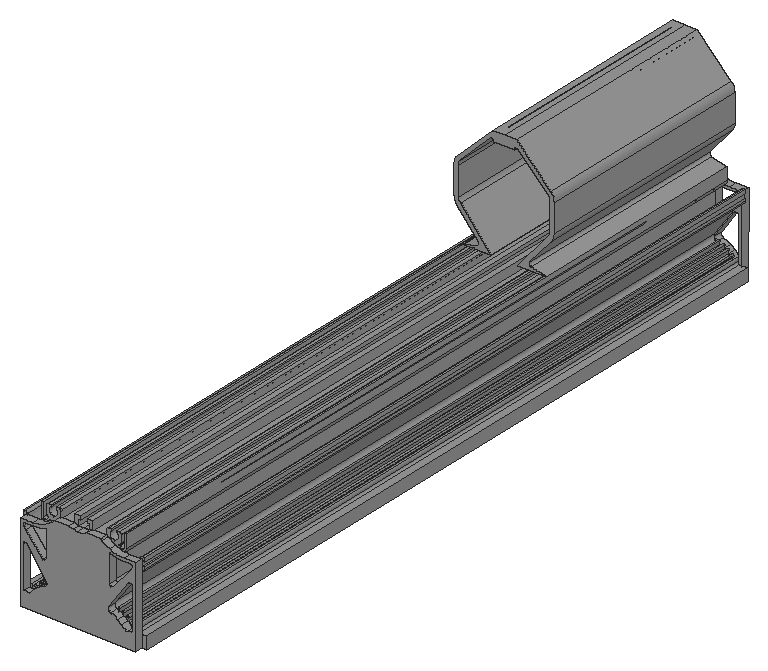
Revit family "L-street 24 Standart", category Осветительные приборы, Revit 2017
Family settings
  Размер круглого соединителя = Использовать диаметр
  Тип детали = Нормальный
  На основе рабочей плоскости = Нет
  Всегда вертикально = Да
  При загрузке вырезать с полостями = Нет
  Источник света = Да
  Общий = Нет
  Точка расчета площади = Нет
Parameters (values of type "L-street 24 Standart 5.0K Ш3")
  Комментарии к типоразмеру = "Уличные"
  Emit from Rectangle Width = 66 mm  # constant formula
  Emit from Rectangle Length = 500 mm  # constant formula
  Изготовитель = "LEDEL"
  Emit Shape Visible in Rendering = no
  built-in parameter 1150104 = 13.8 (stored number, unit not read)
  built-in parameter 1150134 = 2
  Файл фотометрической сетки = "L-street 24-32-LLI3-5.0K-01 Standart.ies"
  Tilt Angle = 90.00°
  built-in parameter 1150137 = (empty or 0)
  built-in parameter 1150132 = 2
  built-in parameter 1150114 = 1 (stored number, unit not read)
  Dimming Lamp Color Temperature Shift = (empty or 0)
  built-in parameter 1150105 = 342.66 (stored number, unit not read)
  Color Filter = 16777215
  Lumens = 4306 lm
  built-in parameter 1150109 = 1 (stored number, unit not read)
  built-in parameter 1150112 = 1 (stored number, unit not read)
  built-in parameter 1150110 = 1 (stored number, unit not read)
  built-in parameter 1150113 = 1 (stored number, unit not read)
  built-in parameter 1150115 = 1 (stored number, unit not read)
  built-in parameter 1114218 = 1 (stored number, unit not read)
  built-in parameter 1114217 = 1 (stored number, unit not read)
  Apparent Load = 32 VA  # constant formula
  built-in parameter 1150106 = 3.4266 (stored number, unit not read)
  built-in parameter 1150142 = "IESNA:LM-63-1995\r\n[TEST]LEDEL\r\n[DATA]28.11.2018\r\n[MANUFAC]LEDEL\r\n[LUMCAT]L-street 24/32/Ш3/5.0К/01 Standart\r\n[LUMINAIRE]Для освещения городских улиц, придомовых территорий, парков и пр\r\n[LAMPCAT]LED \r\n[LAMP]OSRAM OSLON SQUARE\r\nTILT=NONE\r\n \r\n1 4306 4.349494 91 37 1 2 0.533 0.083 0.148\r\n1 1 32\r\n\r\n0 1 2 3 4 5 6 7 8 9 10 11 12 13 14 15 16 17 18 19 20 21 22 23 24 25 26 27 28 29 30 31 32 33 34 35 36 37 38 39 40 41 42 43 44 45 46 47 48 49 50 51 52 53 54 55 56 57 58 59 60 61 62 63 64 65 66 67 68 69 70 71 72 73 74 75 76 77 78 79 80 81 82 83 84 85 86 87 88 89 90\r\n0 2.5 5 7.5 10 12.5 15 17.5 20 22.5 25 27.5 30 32.5 35 37.5 40 42.5 45 47.5 50 52.5 55 57.5 60 62.5 65 67.5 70 72.5 75 77.5 80 82.5 85 87.5 90 \r\n\r\n328.9 329.3 330.2 330.9 331.9 333.4 335.1 336.8 338.7 340.8 342.8 345 347.5 350.1 353 356 358.9 361.9 364.8 367.6 370.4 373.1 375.9 378.6 381.2 384 387.3 390.9 395 399.6 404.9 410.7 417.4 425.2 435.2 445.1 453.5 460.4 465.8 471.5 479.7 491.2 504.8 521 539.3 559.8 582 607.2 633.9 663 691.7 721.3 752.1 785.2 818.3 851.9 885.2 917 937 939.3 919 859.4 761.2 644.9 513.6 372.2 249 140.6 80.9 50.5 34.7 24.4 17.8 14.5 12.7 11.4 10.5 9.8 9.1 8.5 8 7.4 7 6.5 6.2 5.9 5.5 4.8 3.2 2.7 2.7\r\n328.9 329 329.5 330 330.7 331.9 333.2 334.6 336.2 338 339.8 341.8 344 346.5 349.2 352.1 354.9 357.8 360.7 363.6 366.4 369.2 372 374.9 377.8 380.7 383.9 387.3 391.1 395.4 400.3 405.6 411.7 418.6 427.2 436.3 444.8 452.4 459 464.7 471.7 481.1 492.7 506.6 522.4 540.2 559.7 581.7 605.8 631.5 658.1 685.9 714.5 745.8 778.3 812.3 846.4 879.2 904.3 916.2 905.6 859.1 774.4 661.5 532.7 402.1 293.1 196.3 120.8 68.8 45.8 31.7 22.8 18 15.4 13.6 12.3 11.3 10.5 9.8 9.1 8.5 7.9 7.3 6.9 6.5 6.1 5.5 4.3 3.3 2.9\r\n328.9 328.8 328.9 329 329.6 330.3 331.2 332.3 333.7 335.2 336.8 338.6 340.6 342.8 345.5 348.2 350.9 353.7 356.6 359.6 362.4 365.3 368.2 371.2 374.4 377.4 380.5 383.6 387.3 391.2 395.6 400.5 406 411.9 419.2 427.5 436 444.3 452.2 457.9 463.7 471 480.7 492.2 505.6 520.6 537.4 556.3 577.6 600 624.5 650.4 677 706.4 738.3 772.8 807.5 841.5 871.5 893.1 892.3 858.7 787.6 678.2 551.8 432 337.2 251.9 160.7 87.2 56.8 39 27.9 21.5 18 15.7 14.1 12.8 12 11.2 10.3 9.6 8.9 8.2 7.6 7.1 6.7 6.3 5.5 4 3.1\r\n328.9 329.4 330.2 331 332 333.4 335 336.7 338.6 340.6 342.6 344.7 347.1 349.6 352.4 355.2 358.1 360.9 363.6 366.2 368.8 371.4 374 376.6 379.2 382 385.3 388.8 392.6 397 402.2 407.8 414.4 421.9 431.2 440.5 448.4 454.9 460.4 466.2 474 484.8 497.7 513 530.2 549.4 569.9 593 617.3 643.5 669.5 695.9 722.8 751.4 780 808.5 835.6 860.9 877.7 881 869.3 832.1 763.8 664.3 532.5 377.6 247 136.9 77.5 48.8 34.8 24 17.1 14.1 12.4 11.1 10.2 9.6 8.9 8.3 7.8 7.2 6.8 6.3 6 5.7 5.4 4.7 3.1 2.7 2.7\r\n328.9 329.4 330.1 331 332.1 333.4 334.9 336.6 338.5 340.4 342.3 344.5 346.7 349.1 351.8 354.5 357.3 359.9 362.4 364.8 367.2 369.6 372.2 374.6 377.3 380.1 383.3 386.6 390.2 394.4 399.4 405 411.4 418.6 427.2 435.9 443.2 449.5 455 460.8 468.3 478.4 490.6 505 521.2 539.1 557.7 578.9 600.7 624.1 647.2 670.6 693.5 717.6 741.7 765.1 785.9 804.8 818.4 822.6 819.6 804.9 766.4 683.8 551.4 383.1 244.9 133.2 74 47.1 34.9 23.6 16.4 13.6 12.1 10.9 10 9.4 8.7 8.1 7.6 7 6.6 6.2 5.8 5.4 5.3 4.5 3 2.6 2.7\r\n328.9 329.4 330.2 331 332 333.3 334.7 336.2 338 339.7 341.5 343.5 345.5 347.8 350.3 353 355.7 358.2 360.7 363 365.4 367.8 370.3 372.8 375.5 378.3 381.5 384.8 388.6 392.8 397.6 403 409.3 416.1 424.2 432.5 439.5 445.4 450.6 455.9 462.5 471.1 481.3 493.2 506.3 520.8 536.2 553.5 571.6 591.3 611.2 631.8 652.8 675.7 698.9 722.2 742.8 761.3 775.1 781.3 780.2 768.4 735.8 659.6 539 387.4 258.5 153.6 86.2 51.2 36.2 25 17.1 13.6 12 10.8 9.8 9.2 8.5 8 7.4 6.9 6.5 6 5.7 5.4 5.1 4.5 3.1 2.7 2.7\r\n328.9 329.4 330.2 330.9 332 333.2 334.5 335.8 337.4 339.1 340.8 342.5 344.4 346.5 348.9 351.5 354.1 356.6 358.9 361.3 363.6 365.9 368.4 371 373.6 376.5 379.6 383.1 387 391.1 395.7 401 407.1 413.6 421.1 429 435.8 441.3 446.2 451 456.7 463.9 472 481.4 491.5 502.6 514.6 528.2 542.5 558.5 575.2 593 612 633.7 656.1 679.2 699.7 717.9 731.8 740 740.8 732 705.1 635.4 526.7 391.7 272.1 174 98.4 55.3 37.6 26.3 17.8 13.6 11.9 10.7 9.7 9 8.3 7.8 7.3 6.8 6.3 5.9 5.6 5.3 4.9 4.5 3.3 2.7 2.7\r\n328.9 329.5 330.3 331 332 333.1 334.2 335.5 337 338.5 340.1 341.6 343.4 345.3 347.5 350 352.5 354.9 357.3 359.6 361.8 364 366.3 368.6 371.2 373.8 376.8 380.1 383.8 387.6 392 396.7 402.2 408 414.6 421.4 427.4 432.1 436.2 439.9 444.1 449.8 456.5 464.2 472.4 481.7 492.1 504.3 517.4 532 547.1 562.9 578.6 594.9 610.3 625.2 636.8 644.4 646.8 642.2 628.3 601.4 558.5 487.4 398.1 300.5 218.4 153.5 97.9 57.3 37.8 25.4 16.7 12.7 11.3 10.1 9.1 8.4 7.8 7.3 6.8 6.4 5.9 5.5 5.2 4.9 4.6 4.3 3.2 2.7 2.7\r\n328.9 329.6 330.4 331 332 333 334 335.2 336.5 338 339.5 340.8 342.3 344.1 346.2 348.5 350.9 353.2 355.7 357.9 360.1 362.1 364.1 366.3 368.7 371.1 374 377.1 380.5 384.1 388.2 392.4 397.3 402.4 408 413.7 419 423 426.2 428.7 431.6 435.7 440.9 447 453.3 460.7 469.6 480.4 492.2 505.5 519.1 532.8 545.2 556 564.6 571.2 573.9 570.8 561.8 544.4 515.9 470.9 411.9 339.3 269.5 209.3 164.6 132.9 97.4 59.2 38 24.5 15.6 11.9 10.6 9.5 8.6 7.9 7.3 6.7 6.4 5.9 5.5 5.1 4.9 4.6 4.3 4 3 2.6 2.6\r\n328.9 329.6 330.3 330.9 331.7 332.6 333.5 334.6 335.8 337.1 338.4 339.6 341 342.5 344.5 346.6 348.8 351.1 353.5 355.6 357.6 359.4 361.2 363.2 365.5 367.9 370.6 373.6 377 380.4 384 387.7 391.8 395.9 400.4 404.8 409 412.2 414.8 416.7 419.1 422.5 426.9 432.4 438.2 444.8 451.8 459.6 467.6 476.2 484.4 492.1 497.8 501.1 501.5 498.2 489.1 471.8 446.9 414.5 377.6 335.3 291 243.7 199.4 161.3 132.5 111.4 88.8 60 38.2 24.5 15.5 11.5 10.1 9.1 8.1 7.4 6.8 6.3 5.9 5.6 5.2 4.8 4.5 4.3 4.1 3.8 3 2.6 2.6\r\n328.9 329.6 330.2 330.8 331.5 332.2 333 334 335.1 336.2 337.4 338.4 339.6 341 342.7 344.6 346.8 349 351.2 353.2 355.2 356.8 358.4 360.1 362.3 364.7 367.2 370.2 373.4 376.6 379.9 382.9 386.3 389.4 392.8 395.9 399 401.5 403.4 404.8 406.6 409.3 413 417.7 423.2 428.9 434.1 438.8 443 446.9 449.6 451.3 450.4 446.3 438.5 425.2 404.4 372.8 332.1 284.5 239.3 199.8 170 148 129.3 113.3 100.4 90 80.2 60.7 38.4 24.6 15.5 11.1 9.6 8.7 7.7 6.9 6.3 5.9 5.5 5.2 4.9 4.5 4.2 4 3.8 3.6 2.9 2.7 2.6\r\n328.9 329.6 330.1 330.7 331.3 331.9 332.7 333.7 334.6 335.6 336.6 337.5 338.6 339.9 341.4 343.2 345.2 347.2 349.1 350.9 352.7 354.2 355.8 357.6 359.7 362.1 364.5 367.1 369.7 372.2 374.7 377.2 379.9 382.5 385.1 387.6 390 392.2 394 395.5 397.2 398.9 400.9 403.2 405.8 408.1 409.5 410 409.2 407 401.9 393.5 379.6 360.7 338.2 313.8 287.4 259.5 230.5 200.1 171.3 146.3 126.5 111.3 98.3 88 80.3 73.6 62.6 45.5 29.8 19.7 12.9 9.9 8.7 7.8 6.9 6.3 5.7 5.3 5 4.7 4.4 4.1 3.8 3.6 3.4 3.1 2.7 2.6 2.5\r\n328.9 329.6 330 330.5 331 331.7 332.4 333.3 334.1 335 335.7 336.6 337.5 338.9 340.2 341.7 343.6 345.5 347 348.7 350.2 351.6 353.2 355.1 357.2 359.5 361.8 364 366 367.9 369.5 371.4 373.5 375.5 377.4 379.4 381.1 382.8 384.6 386.2 387.8 388.6 388.8 388.6 388.5 387.4 384.9 381.1 375.4 367.2 354.2 335.6 308.8 275.2 237.8 202.4 170.4 146.1 128.9 115.6 103.3 92.8 83 74.7 67.3 62.7 60.1 57.1 45.1 30.4 21.1 14.9 10.4 8.8 7.8 6.9 6.2 5.6 5.1 4.8 4.5 4.1 3.9 3.7 3.5 3.3 3.1 2.7 2.5 2.5 2.5\r\n328.9 329.5 329.8 330.3 330.6 331.2 331.7 332.4 333 333.7 334.2 334.8 335.4 336.4 337.3 338.6 340.1 341.7 343.1 344.6 346.1 347.4 348.8 350.3 352 353.8 355.5 357.1 358.6 360 361.2 362.3 363.6 365 366.4 368.1 369.5 370.4 370.9 370.8 370.5 369.4 367.5 364.9 361.4 356.8 349.7 339.5 325 306.7 283.4 257 228.1 199.7 172.9 149.4 128.6 112.2 99.6 89.2 79.7 71.9 64.6 58.5 52.9 49.3 46.4 42.2 33.6 24.5 18.4 13.7 10.1 8.5 7.6 6.7 6 5.3 4.8 4.5 4.3 3.9 3.7 3.5 3.3 3.1 3 2.6 2.4 2.4 2.4\r\n328.9 329.4 329.7 330 330.2 330.6 331 331.5 332 332.4 332.7 332.9 333.3 333.9 334.5 335.5 336.6 337.9 339.3 340.6 341.9 343.2 344.4 345.6 346.8 348.1 349.2 350.3 351.3 352.1 352.9 353.2 353.7 354.4 355.4 356.8 357.8 358 357.2 355.5 353.3 350.3 346.3 341.1 334.4 326.1 314.5 297.9 274.7 246.3 212.5 178.4 147.3 124.1 108 96.4 86.8 78.2 70.2 62.8 56.2 50.9 46.3 42.4 38.6 35.9 32.7 27.2 22.1 18.6 15.6 12.5 9.8 8.3 7.4 6.5 5.8 5.1 4.6 4.2 4.1 3.8 3.5 3.4 3.2 3 2.9 2.5 2.3 2.4 2.4\r\n328.9 329.4 329.6 329.8 330 330.2 330.4 330.7 330.9 331.1 331.2 331.3 331.4 331.6 332 332.8 333.6 334.8 335.8 337 338 339 339.9 340.7 341.5 342.3 343 343.7 344.2 344.5 344.8 344.9 345.1 345.2 345.2 345.4 345.1 344 342.1 339.1 334.9 329.9 323.6 315.4 304.1 289.5 270.1 246.3 218.3 189.8 161.8 137.2 116 100.1 88.3 79.2 71.4 64.3 57.9 52.2 47.2 43.1 39.5 36.3 33 30.2 27.2 23.3 19.6 16.9 14.4 11.8 9.5 8.3 7.4 6.6 5.8 5.1 4.5 4.1 3.9 3.6 3.4 3.3 3.1 2.9 2.8 2.5 2.3 2.3 2.4\r\n328.9 329.4 329.6 329.7 329.7 329.7 329.8 329.9 329.9 329.9 329.8 329.7 329.4 329.3 329.6 330 330.6 331.6 332.4 333.3 334.1 334.8 335.4 335.7 336.1 336.4 336.8 337 337.1 336.9 336.8 336.5 336.5 336.1 335 333.9 332.3 330.1 327 322.6 316.6 309.6 301 289.7 273.8 252.8 225.7 194.7 161.9 133.3 111 96 84.7 76.1 68.6 62 56 50.4 45.5 41.6 38.2 35.3 32.8 30.2 27.3 24.4 21.7 19.4 17.2 15.2 13.1 11 9.3 8.2 7.4 6.7 5.8 5.1 4.4 3.9 3.8 3.5 3.4 3.2 3 2.9 2.8 2.5 2.2 2.3 2.4\r\n328.9 329.3 329.4 329.4 329.3 329.2 329 328.9 328.7 328.5 328.2 327.9 327.5 327.2 327.2 327.5 327.9 328.5 329.1 329.6 330 330.3 330.4 330.6 330.7 330.8 330.8 330.7 330.4 330 329.4 328.5 327.5 326 324.1 321.7 318.8 314.9 310.1 304 296 286 272.6 255.5 233.2 207 178.6 151.5 126.8 106.9 91.5 80.4 71.6 64.3 58 52.5 47.6 43.4 39.8 36.8 34.2 31.8 29.5 27.1 24.8 22.5 20.3 18.4 16.5 14.8 13.1 11.5 9.9 8.6 7.6 6.8 6 5.3 4.5 4 3.7 3.5 3.3 3.1 2.9 2.8 2.7 2.5 2.2 2.2 2.3\r\n328.9 329.3 329.2 329.1 328.8 328.6 328.2 328 327.6 327.1 326.6 326.1 325.5 325.2 324.9 325 325.1 325.4 325.7 325.8 325.9 325.7 325.4 325.4 325.3 325.2 324.8 324.4 323.8 323 322.1 320.5 318.5 316 313.1 309.5 305.4 299.8 293.2 285.4 275.5 262.4 244.2 221.4 192.6 161.2 131.4 108.3 91.8 80.6 72 64.9 58.4 52.6 47.4 43 39.3 36.3 34 32.1 30.3 28.3 26.1 24.1 22.3 20.7 18.9 17.3 15.8 14.4 13.1 11.9 10.5 8.9 7.8 7 6.2 5.5 4.7 4 3.6 3.4 3.2 3.1 2.9 2.7 2.6 2.4 2.3 2.1 2.2\r\n328.9 329.2 329.1 328.9 328.5 328.1 327.6 327.1 326.5 325.8 325 324.2 323.5 322.9 322.5 322.3 322.2 322.1 322 321.7 321.1 320.5 319.8 319.4 319 318.6 318.3 318 317.4 316.3 314.8 312.5 309.6 306 301.6 296.4 290.5 283 273.9 262.7 247.9 229.2 205.3 179.3 152 127.2 106.1 90 78 69.4 62.5 56.6 51.2 46.4 42.2 38.8 35.9 33.6 31.7 29.9 28.2 26.4 24.5 22.9 21.5 20.1 18.6 17.3 16.1 14.8 13.7 12.7 11.6 10.2 8.7 7.5 6.6 5.9 5 4.3 3.7 3.4 3.2 3 2.9 2.7 2.6 2.4 2.2 2.1 2.2\r\n328.9 329.2 329 328.7 328.2 327.6 326.9 326.2 325.4 324.4 323.3 322.2 321.4 320.7 320.1 319.6 319.2 318.9 318.4 317.5 316.4 315.2 314.1 313.3 312.6 312.1 311.8 311.6 311 309.7 307.4 304.5 300.7 295.9 290.2 283.3 275.6 266.1 254.6 240 220.4 195.9 166.4 137.2 111.4 93.3 80.7 71.7 64.3 58.2 53 48.3 43.9 40.2 37.1 34.6 32.6 31 29.4 27.8 26.1 24.4 22.9 21.8 20.7 19.5 18.4 17.3 16.4 15.3 14.4 13.5 12.7 11.5 9.6 8 7 6.2 5.3 4.5 3.8 3.4 3.1 2.9 2.9 2.7 2.6 2.4 2.2 2.1 2.1\r\n328.9 329.1 328.9 328.5 327.9 327.2 326.4 325.6 324.6 323.3 322 320.8 319.8 318.9 318.2 317.5 316.8 316.1 315.1 313.9 312.4 310.9 309.5 308.4 307.3 306.4 305.9 305.3 304.4 302.7 300.3 297.2 293.3 288 281.6 274 265.3 254.3 240.7 223.1 200.5 173.9 145 119.4 98.6 84.1 73.5 65.7 59.1 54 49.5 45.3 41.5 38.2 35.5 33.3 31.4 29.8 28.2 26.6 25.1 23.6 22.2 21.1 20.2 19.3 18.5 17.7 16.9 16 15.1 14.3 13.5 12.5 11.1 9.6 7.9 6.6 5.7 4.9 4.1 3.5 3.2 2.9 2.8 2.7 2.6 2.4 2.2 2.1 2.1\r\n328.9 329.1 328.8 328.3 327.6 326.8 325.8 324.9 323.7 322.1 320.6 319.3 318.2 317 316.2 315.3 314.4 313.3 311.9 310.3 308.3 306.6 305 303.4 302 300.8 300 299.1 297.7 295.7 293.1 289.8 285.8 280.1 273 264.6 254.9 242.5 226.9 206.2 180.6 151.8 123.5 101.5 85.7 74.9 66.3 59.6 54 49.7 45.9 42.3 39 36.3 34 31.9 30.2 28.6 27 25.5 24.1 22.7 21.5 20.5 19.7 19.1 18.6 18 17.3 16.6 15.8 15 14.3 13.4 12.5 11.1 8.7 7.1 6.1 5.3 4.4 3.5 3.2 2.9 2.8 2.7 2.6 2.4 2.2 2.1 2\r\n328.9 329 328.7 328.1 327.3 326.4 325.3 324.1 322.7 320.9 319.1 317.6 316.3 315.1 313.9 312.8 311.5 309.9 307.9 305.7 303.5 301.4 299.5 297.5 295.7 294.2 292.6 290.6 288.1 285 281.6 277.4 272.1 265.3 257.3 247.5 235.5 219.7 200.5 176.6 150.6 125.6 104.1 88.2 76.4 67.6 60.4 54.7 50.1 46.5 43.3 40.4 37.5 35.2 33 31.1 29.4 28 26.4 25 23.6 22.4 21.1 20.3 19.8 19.2 18.7 18 17.3 16.6 15.9 15.5 15 14.4 13.9 12.8 11 9.1 7.1 5.8 4.8 3.9 3.3 3 2.8 2.7 2.6 2.4 2.2 2 2\r\n328.9 328.9 328.5 327.8 327 326 324.7 323.4 321.7 319.7 317.6 315.9 314.5 313.1 311.6 310.2 308.6 306.4 303.9 301.2 298.6 296.2 294 291.5 289.5 287.6 285.2 282.1 278.4 274.4 270.2 265 258.4 250.5 241.6 230.5 216 196.9 174.1 147 120.5 99.5 84.7 74.9 67 60.3 54.4 49.8 46.1 43.3 40.8 38.5 36.1 34 32 30.2 28.6 27.3 25.9 24.5 23.1 22 20.8 20.1 19.8 19.3 18.8 18 17.2 16.6 16.1 15.9 15.7 15.4 15.2 14.6 13.2 11.1 8.1 6.3 5.2 4.2 3.4 3 2.8 2.7 2.6 2.4 2.2 1.9 2\r\n328.9 328.9 328.5 327.7 326.8 325.6 324.3 322.8 320.9 318.7 316.5 314.6 312.9 311.3 309.7 307.9 305.7 303.1 300.1 297.1 294.1 291.4 288.9 286.5 284.2 281.7 278.6 274.9 270.7 266.1 260.9 254.6 247 238.2 228 214.8 198.1 176.2 151.4 125.6 103.6 87.8 76.3 68 61 55.2 50.3 46.6 43.7 41.5 39.4 37.3 35.1 33.1 31.3 29.7 28.2 27.1 25.8 24.6 23.2 22.1 21 20.3 19.9 19.4 19 18.3 17.7 17.1 16.5 16.2 16.1 15.8 15.4 14.6 13.5 11.9 9.7 7.9 5.9 4.6 3.8 3.2 2.8 2.7 2.5 2.4 2.2 2 2\r\n328.9 328.9 328.4 327.6 326.6 325.3 323.9 322.1 320.2 317.7 315.5 313.3 311.3 309.6 307.8 305.5 302.9 299.7 296.3 292.9 289.7 286.5 283.8 281.4 278.9 275.8 272.1 267.7 263 257.7 251.6 244.2 235.6 225.9 214.3 199.1 180.2 155.6 128.7 104.2 86.8 76 67.9 61.1 55 50 46.2 43.4 41.2 39.6 38 36.2 34.2 32.2 30.6 29.2 27.9 26.8 25.7 24.6 23.4 22.3 21.2 20.5 20 19.6 19.2 18.7 18.2 17.5 16.9 16.6 16.6 16.2 15.6 14.7 13.8 12.6 11.3 9.5 6.7 5 4.1 3.3 2.9 2.6 2.5 2.3 2.1 2 2\r\n328.9 328.9 328.4 327.5 326.4 325.1 323.6 321.7 319.6 317.1 314.7 312.3 310.2 308.2 306.1 303.5 300.4 296.8 293 289.3 285.8 282.4 279.6 276.9 274.1 270.5 266.3 261.4 256.2 250.1 243.2 235.1 226 215.2 202.2 185.4 164.9 140.2 115.8 95.1 80.7 71.6 64.3 57.9 52.3 47.8 44.6 42.2 40.4 39 37.5 35.7 33.8 31.9 30.4 29.1 27.9 26.8 25.6 24.5 23.5 22.5 21.6 20.9 20.4 20 19.7 19.3 18.7 17.9 17.1 16.4 16.1 15.7 15.1 14.4 13.4 12 10.7 9.2 7.3 5.8 4.5 3.6 3 2.7 2.4 2.3 2.1 2 2\r\n328.9 328.9 328.4 327.4 326.2 324.9 323.3 321.3 319 316.4 313.9 311.3 309 306.8 304.4 301.5 297.9 293.8 289.8 285.7 281.9 278.3 275.3 272.4 269.3 265.2 260.5 255.1 249.3 242.6 234.8 226.1 216.3 204.5 190.1 171.6 149.6 124.8 102.9 85.9 74.6 67.1 60.6 54.8 49.6 45.7 42.9 41 39.6 38.4 37 35.3 33.4 31.7 30.2 29 27.9 26.8 25.5 24.4 23.6 22.6 21.9 21.3 20.7 20.4 20.3 20 19.3 18.3 17.3 16.3 15.6 15.2 14.6 14 13 11.4 10.1 9 8 6.6 5 3.8 3.1 2.7 2.4 2.3 2.1 1.9 1.9\r\n328.9 328.9 328.2 327.1 325.9 324.5 322.8 320.6 318.3 315.7 313.1 310.5 308 305.6 302.9 299.6 295.7 291.3 287 282.6 278.7 275.2 272.2 269.1 265.7 261.3 256.3 250.5 244.3 237 228.7 219.3 208.6 195.5 179.4 159.1 136 112.5 93.6 79.8 70.4 63.7 57.4 51.9 47.3 44.1 41.9 40.3 39 37.9 36.5 34.9 33.1 31.6 30.2 28.9 27.6 26.4 25.3 24.4 23.6 23 22.6 22.3 22.1 21.9 21.5 20.7 19.8 18.7 17.6 16.5 15.6 14.8 13.9 13.2 12.1 10.9 9.8 8.8 7.7 6.5 5.2 4 3.1 2.7 2.4 2.3 2.1 1.9 1.9\r\n328.9 328.8 328 326.8 325.5 324.1 322.3 320 317.6 314.9 312.2 309.6 307 304.3 301.4 297.6 293.5 288.8 284.2 279.5 275.5 272 269 265.9 262 257.3 252 245.8 239.2 231.4 222.7 212.6 201 186.6 168.7 146.5 122.3 100.1 84.4 73.6 66.3 60.4 54.3 48.9 44.9 42.4 40.8 39.5 38.4 37.3 35.9 34.5 32.8 31.5 30.3 28.7 27.3 26.1 25.2 24.3 23.7 23.4 23.2 23.4 23.4 23.3 22.6 21.5 20.3 19.1 17.8 16.7 15.6 14.4 13.2 12.3 11.3 10.5 9.6 8.6 7.5 6.4 5.4 4.1 3.2 2.6 2.4 2.2 2.1 1.9 1.9\r\n328.9 328.8 328 326.8 325.6 324 322.1 319.8 317.3 314.6 311.8 309.2 306.4 303.5 300.2 296.1 291.6 286.6 281.7 276.8 272.7 269.1 266.1 262.7 258.6 253.5 248 241.7 234.8 226.8 217.9 207.5 195.5 180.5 162.1 139.5 116 95.4 81.2 71.4 64.5 58.7 52.6 47.6 44.1 42 40.5 39.4 38.3 37.2 35.9 34.6 33.2 31.7 30.3 28.8 27.5 26.4 25.5 24.9 24.6 24.5 24.4 24.3 24.2 23.9 23.2 22.2 20.9 19.6 18.3 17.1 15.9 14.7 13.7 12.8 11.8 10.8 9.9 8.8 7.8 6.7 5.7 4.6 3.5 2.8 2.5 2.2 2.1 1.9 1.9\r
